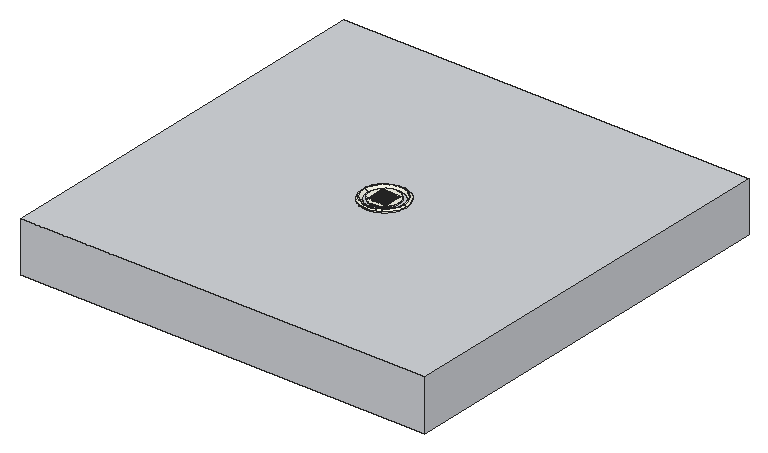
Revit family
Parameters (values of type "ECOR-150")
  URL = "http://www.productspec.net/products/27616/holyoake-industries/environmental-ceiling-outlet-eco-manual.aspx"
  Type Comments = "Environmental Ceiling Outlet"  # constant formula
  Radius = Duct Radius + 15.00 mm  # 88.50 mm
  Overall Width = 269.00 mm
  Model = "ECOR-150"
  Manufacturer = "Holyoake Industries Ltd"  # constant formula
  Hole Cut Radius = Hole Cut Diameter / 2  # 120.00 mm
  Hole Cut Diameter = 240.00 mm
  Engineering Data [instance] = "http://www.productspec.net/nas/TechnicalFiles/2367/p27616/D63-D64%20ECO.pdf"
  Duct Radius = Duct Diameter / 2  # 73.50 mm
  Duct Diameter = 147.00 mm
  Diffuser = Environmental Ceiling Outlet - Holyoake - Engineering Polymer
  Description = "Supply or return air diffuser; suitable in commercial and domestic buildings"  # constant formula
  Depth = 100.00 mm
  Default Elevation = 0.00 mm
  Created By = "Productspec Ltd"  # constant formula
  Author = "Zinder Zhao"  # constant formula
Reference planes
  plane 1 "Center (Front/Back)": y = 0
  plane 2: z = 0
  plane 3 "Center (Left/Right)": x = 0
  plane 4: z = 11
  plane 5: z = -100
  plane 6: x = -120
  plane 7: x = 120
  plane 8: x = 134.5
  plane 9: x = -134.5
  plane 10: x = 73.5
  plane 11: x = -73.5
  plane 12: z = -28
  plane 13: x = -88.5
  plane 14: x = 88.5
  plane 15: z = 6
Forms (mm)
  Extrusion 1, solid
    sketch origin (0, 0, 0) x (1, 0, 0) y (0, 1, 0)
      loop
        line (-1219.2, 1219.2) -> (-1219.2, -1219.2) -> (1219.2, -1219.2) -> (1219.2, 1219.2) -> (-1219.2, 1219.2)
    from 0 to -304.8
  Revolve 2, solid, material "Environmental Ceiling Outlet - Holyoake - Engineering Polymer" <- "Diffuser"
    sketch origin (0, 0, 0) x (1, 0, 0) y (0, 0, 1)
      loop
        line (118.385, 11) -> (71.5, -27.047) -> (71.5, -100) -> (73.5, -100) -> (73.5, -28) -> (119.095, 9) -> (122.636, 9) -> (134.5, 0) -> (134.5, 2.51) -> (123.309, 11) -> (118.385, 11)
      axis (0, 11) -> (0, -100)
    angle from 0 to 360
  Revolve 3, solid, material "Environmental Ceiling Outlet - Holyoake - Engineering Polymer" <- "Diffuser"
    sketch origin (0, 0, 0) x (1, 0, 0) y (0, 0, 1)
      loop
        line (0, 4) -> (0, -27.047)
        arc (0, -27.047) -> (45.885, -17.504) -> (88.5, 2) r 209.506
        line (88.5, 2) -> (88.5, 4) -> (0, 4)
      axis (0, 4) -> (0, -27.047)
    angle from 0 to 360
Dimensions and locks
  locked: plane 4 to plane 2 at 11
  "Depth": plane 2 to plane 5
  equal spacing: plane 7, plane 3 "Center (Left/Right)", plane 6
  "Hole Cut Diameter": plane 7 to plane 6
  "Overall Width": plane 8 to plane 9
  locked: plane 2 to plane 12 at 28
  "Duct Diameter": plane 10 to plane 11
  locked: plane 11 to plane 13 at 15
  locked: plane 14 to plane 10 at 15
  equal spacing: plane 8, plane 3 "Center (Left/Right)", plane 9
  equal spacing: plane 10, plane 3 "Center (Left/Right)", plane 11
  locked: plane 4 to plane 15 at 5
  aligned and locked: plane 2 to Extrusion 1
  aligned and locked: level to Extrusion 1
  aligned and locked: Revolve 2 sketch curve to plane 3 "Center (Left/Right)"
  aligned and locked: Revolve 2 sketch curve to plane 4
  aligned and locked: Revolve 2 sketch curve to plane 10
  aligned and locked: plane 5 to Revolve 2 sketch curve
  aligned and locked: Revolve 3 sketch curve to plane 3 "Center (Left/Right)"
  aligned and locked: Revolve 3 sketch curve to plane 14
  aligned and locked: plane 15 to nested 1
  aligned and locked: Revolve 3 to nested 1
Automatic sketch dimensions
  Extrusion 1 sketch curve to Extrusion 1 sketch curve = 2438.40 mm  (x2)
  Revolve 2 sketch curve to plane 12 = 0.00 mm
  Revolve 2 sketch curve to plane 12 = 0.953 mm
  Revolve 2 sketch curve to plane 10 = 2.00 mm
  plane 7 to Revolve 2 sketch curve = 3.309 mm
  Revolve 2 sketch curve to plane 5 = 54.00 mm
  Revolve 2 sketch curve to Revolve 2 sketch curve = 2.51 mm
  plane 4 to Revolve 2 sketch curve = 110.00 mm
  Revolve 2 sketch curve to plane 7 = 0.905 mm
  Revolve 2 sketch curve to plane 4 = 2.00 mm
  Revolve 2 sketch curve to plane 7 = 1.615 mm
  Revolve 2 sketch curve to Revolve 2 sketch curve = 0.673 mm
  Revolve 2 sketch curve to level = 0.00 mm
  Revolve 2 sketch curve to plane 8 = 0.00 mm
  Revolve 3 sketch curve to plane 3 "Center (Left/Right)" = 0.00 mm
  Revolve 3 sketch curve to plane 3 "Center (Left/Right)" = 19.45 mm
  plane 12 to Revolve 3 sketch curve = 27.00 mm
  Revolve 3 sketch curve to plane 12 = 0.953 mm
  level to Revolve 3 sketch curve = 2.00 mm
  Revolve 3 sketch curve to Revolve 3 sketch curve = 2.00 mm
  plane 4 to Revolve 3 sketch curve = 19.00 mm
Nested families
  nested 1: "Holyoake_EnvironmentalCeilingOutlet_DiffusionCone" at (0, 0, 4), Material <- "Diffuser", type "Holyoake_EnvironmentalCeilingOutlet_DiffusionCone"
    with Material Environmental Ceiling Outlet - Holyoake - Engineering Polymer
Connectors
  hvac at (0, 0, -100), driven by "Duct Radius"
    settings: on Revolve 2, index 1
Definition of nested family "Holyoake_EnvironmentalCeilingOutlet_DiffusionCone"
  Parameters (values of type "Holyoake_EnvironmentalCeilingOutlet_DiffusionCone")
    URL = "http://www.productspec.net/products/27616/holyoake-industries/environmental-ceiling-outlet-eco-manual.aspx"
    Type Comments = "Environmental Ceiling Outlet"
    Radius = 88.50 mm
    Model = "ECOR-150"
    Material [instance] = none
    Manufacturer = "Holyoake Industries Ltd"
    Description = "Supply or return air diffuser; suitable in commercial and domestic buildings"
    Assembly Code = ""
  Reference planes
    plane 1 "Center (Front/Back)": y = 0
    plane 2: z = 0
    plane 3 "Center (Left/Right)": x = 0
  Forms (mm)
    Extrusion 1, solid, material <- "Material"
      sketch origin (0, 0, 0) x (1, 0, 0) y (0, 1, 0)
        loop
          circle (0, 0) r 3.5
        loop
          circle (0, 11) r 3.5
        loop
          circle (0, 22) r 3.5
        loop
          circle (0, -11) r 3.5
        loop
          circle (0, -22) r 3.5
        loop
          circle (11, 0) r 3.5
        loop
          circle (11, 11) r 3.5
        loop
          circle (11, 22) r 3.5
        loop
          circle (11, -11) r 3.5
        loop
          circle (11, -22) r 3.5
        loop
          circle (22, 0) r 3.5
        loop
          circle (22, 11) r 3.5
        loop
          circle (22, 22) r 3.5
        loop
          circle (22, -11) r 3.5
        loop
          circle (22, -22) r 3.5
        loop
          circle (-11, 0) r 3.5
        loop
          circle (-11, 11) r 3.5
        loop
          circle (-11, 22) r 3.5
        loop
          circle (-11, -11) r 3.5
        loop
          circle (-11, -22) r 3.5
        loop
          circle (-22, 0) r 3.5
        loop
          circle (-22, 11) r 3.5
        loop
          circle (-22, 22) r 3.5
        loop
          circle (-22, -11) r 3.5
        loop
          circle (-22, -22) r 3.5
        loop
          circle (0, -33) r 3
        loop
          circle (11, -33) r 3
        loop
          circle (22, -33) r 3
        loop
          circle (-11, -33) r 3
        loop
          circle (-22, -33) r 3
        loop
          circle (0, -44) r 2
        loop
          circle (11, -44) r 2
        loop
          circle (22, -44) r 2
        loop
          circle (-11, -44) r 2
        loop
          circle (-22, -44) r 2
        loop
          circle (0, -54) r 1.5
        loop
          circle (11, -54) r 1.5
        loop
          circle (22, -54) r 1.5
        loop
          circle (-11, -54) r 1.5
        loop
          circle (-22, -54) r 1.5
        loop
          circle (0, 33) r 3
        loop
          circle (11, 33) r 3
        loop
          circle (22, 33) r 3
        loop
          circle (-11, 33) r 3
        loop
          circle (-22, 33) r 3
        loop
          circle (0, 44) r 2
        loop
          circle (11, 44) r 2
        loop
          circle (22, 44) r 2
        loop
          circle (-11, 44) r 2
        loop
          circle (-22, 44) r 2
        loop
          circle (0, 54) r 1.5
        loop
          circle (11, 54) r 1.5
        loop
          circle (22, 54) r 1.5
        loop
          circle (-11, 54) r 1.5
        loop
          circle (-22, 54) r 1.5
        loop
          circle (33, 0) r 3
        loop
          circle (33, -11) r 3
        loop
          circle (33, -22) r 3
        loop
          circle (33, -33) r 3
        loop
          circle (33, -44) r 2
        loop
          circle (33, -54) r 1.5
        loop
          circle (44, 0) r 2
        loop
          circle (44, -11) r 2
        loop
          circle (44, -22) r 2
        loop
          circle (44, -33) r 2
        loop
          circle (44, -44) r 2
        loop
          circle (44, -54) r 1.5
        loop
          circle (54, 0) r 1.5
        loop
          circle (54, -11) r 1.5
        loop
          circle (54, -22) r 1.5
        loop
          circle (54, -33) r 1.5
        loop
          circle (54, -44) r 1.5
        loop
          circle (54, -54) r 1.5
        loop
          circle (33, 11) r 3
        loop
          circle (33, 22) r 3
        loop
          circle (33, 33) r 3
        loop
          circle (33, 44) r 2
        loop
          circle (33, 54) r 1.5
        loop
          circle (44, 11) r 2
        loop
          circle (44, 22) r 2
        loop
          circle (44, 33) r 2
        loop
          circle (44, 44) r 2
        loop
          circle (44, 54) r 1.5
        loop
          circle (54, 11) r 1.5
        loop
          circle (54, 22) r 1.5
        loop
          circle (54, 33) r 1.5
        loop
          circle (54, 44) r 1.5
        loop
          circle (54, 54) r 1.5
        loop
          circle (-33, 0) r 3
        loop
          circle (-33, -11) r 3
        loop
          circle (-33, -22) r 3
        loop
          circle (-33, -33) r 3
        loop
          circle (-33, -44) r 2
        loop
          circle (-33, -54) r 1.5
        loop
          circle (-44, 0) r 2
        loop
          circle (-44, -11) r 2
        loop
          circle (-44, -22) r 2
        loop
          circle (-44, -33) r 2
        loop
          circle (-44, -44) r 2
        loop
          circle (-44, -54) r 1.5
        loop
          circle (-54, 0) r 1.5
        loop
          circle (-54, -11) r 1.5
        loop
          circle (-54, -22) r 1.5
        loop
          circle (-54, -33) r 1.5
        loop
          circle (-54, -44) r 1.5
        loop
          circle (-54, -54) r 1.5
        loop
          circle (-33, 11) r 3
        loop
          circle (-33, 22) r 3
        loop
          circle (-33, 33) r 3
        loop
          circle (-33, 44) r 2
        loop
          circle (-33, 54) r 1.5
        loop
          circle (-44, 11) r 2
        loop
          circle (-44, 22) r 2
        loop
          circle (-44, 33) r 2
        loop
          circle (-44, 44) r 2
        loop
          circle (-44, 54) r 1.5
        loop
          circle (-54, 11) r 1.5
        loop
          circle (-54, 22) r 1.5
        loop
          circle (-54, 33) r 1.5
        loop
          circle (-54, 44) r 1.5
        loop
          circle (-54, 54) r 1.5
        loop
          circle (0, 0) r 88.5
      from 0 to 2
  Dimensions and locks
    "Radius": radius of Extrusion 1 sketch curve
  Automatic sketch dimensions
    Extrusion 1 sketch curve to Extrusion 1 sketch curve = 0.00 mm  (x89)
    Extrusion 1 sketch curve to plane 1 "Center (Front/Back)" = 0.00 mm  (x11)
    Extrusion 1 sketch curve to plane 3 "Center (Left/Right)" = 0.00 mm  (x11)
    Extrusion 1 sketch curve to Extrusion 1 sketch curve = 11.00 mm  (x82)
    Extrusion 1 sketch curve to plane 3 "Center (Left/Right)" = 11.00 mm
    Extrusion 1 sketch curve to Extrusion 1 sketch curve = 10.00 mm  (x38)
    plane 3 "Center (Left/Right)" to Extrusion 1 sketch curve = 11.00 mm  (x7)
    plane 1 "Center (Front/Back)" to Extrusion 1 sketch curve = 11.00 mm  (x5)
    radius of Extrusion 1 sketch curve = 3.50 mm  (x25)
    radius of Extrusion 1 sketch curve = 3.00 mm  (x24)
    radius of Extrusion 1 sketch curve = 2.00 mm  (x32)
    radius of Extrusion 1 sketch curve = 1.50 mm  (x40)
